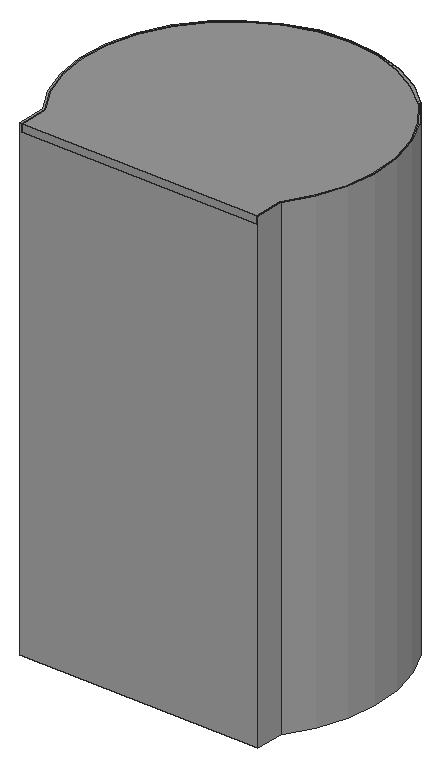
Revit family "DAN DRYER Björk Design Handdryer 3006", category Furniture Systems, host Wall, Revit 2018
Family settings
  Host = Wall
  Round Connector Dimension = Use Diameter
  Part Type = Normal
  Always vertical = Yes
  Cut with Voids When Loaded = No
  Shared = No
  Room Calculation Point = No
Parameters (values of type "GEO WHITE")
  URL = "http://www.dandryer.dk/da-dk/produkter/produktserie-%E2%80%93-bjork/3006-bjork-haandtoerrer--mat-sort"
  Type Image = <None>
  Surface Top = GEO WHITE
  Surface Front = Mat Sort
  Model = "Björk-3006"
  Manufacturer = "Dan Dryer"
  Description = "Touch-free hand dryer"
  Cost = 0
Types (6): name | Surface Top
  BIRK | BIRK
  GEO WHITE | GEO WHITE
  GRIGIO LONDRA | GRIGIO LONDRA
  NEGRO INGO | NEGRO INGO
  OSLO | OSLO
  BIANCO MALE | BIANCO MALE
Reference planes (in)
  plane 1 "Wall": y = 0
  plane 2 "Center (Left/Right)": x = 4.92126
  plane 3 "Back": y = 2.95276
Forms (in)
  Extrusion 1, solid, material "Blank Hvid", not visible
    sketch origin (0, 0, 0) x (1, 0, 0) y (0, 1, 0)
      loop
        arc (1.66187, 3.75455) -> (1.67032, 3.73804) -> (1.67323, 3.71973) r 0.05906
        line (1.67323, 3.71973) -> (1.67323, 2.96457) -> (1.72047, 2.96457) -> (1.72047, 3.71973)
        arc (1.72047, 3.71973) -> (1.71523, 3.75269) -> (1.70003, 3.78241) r 0.1063
        arc (1.70003, 3.78241) -> (4.92126, 10.12205) -> (8.14249, 3.78241) r 3.98819
        arc (8.14249, 3.78241) -> (8.12729, 3.75269) -> (8.12205, 3.71973) r 0.1063
        line (8.12205, 3.71973) -> (8.12205, 2.96457) -> (8.16929, 2.96457) -> (8.16929, 3.71973)
        arc (8.16929, 3.71973) -> (8.1722, 3.73804) -> (8.18065, 3.75455) r 0.05906
        arc (8.18065, 3.75455) -> (4.92126, 10.16929) -> (1.66187, 3.75455) r 4.03543
    from 35.43307 to 48.4252
  Extrusion 2, void, not visible
    sketch origin (8.16929, 3.71973, 0) x (0, 1, 0) y (0, 0, -1)
      loop
        line (-0.75516, -48.22835) -> (-0.75516, -48.4252) -> (0.24229, -48.4252)
        arc (0.24229, -48.4252) -> (0.12078, -48.36063) -> (0.08289, -48.22835) r 0.17597
        line (0.08289, -48.22835) -> (-0.75516, -48.22835)
    from -0.43119 to 6.69923
  Extrusion 3, void, not visible
    sketch origin (8.16929, 3.71973, 83.85827) x (0, 1, 0) y (0, 0, -1)
      loop
        line (-0.75516, 48.22835) -> (0.08289, 48.22835)
        arc (0.08289, 48.22835) -> (0.12078, 48.36063) -> (0.24229, 48.4252) r 0.17597
        line (0.24229, 48.4252) -> (-0.75516, 48.4252) -> (-0.75516, 48.22835)
    from -0.23622 to 7.06498
  Extrusion 4, solid, not visible
    sketch origin (8.16929, 2.96457, 35.70866) x (0, 1, 0) y (-1, 0, 0)
      loop
        line (0, 6.44882) -> (0, 0.04724) -> (0.75516, 0.04724)
        arc (0.75516, 0.04724) -> (0.78813, 0.042) -> (0.81784, 0.0268) r 0.1063
        arc (0.81784, 0.0268) -> (7.15748, 3.24803) -> (0.81784, 6.46926) r 3.98819
        arc (0.81784, 6.46926) -> (0.78813, 6.45406) -> (0.75516, 6.44882) r 0.1063
        line (0.75516, 6.44882) -> (0, 6.44882)
    from 0 to -0.07874
  Extrusion 5, void, not visible
    sketch origin (8.12205, 2.96457, 0) x (-1, 0, 0) y (0, 0, 1)
      loop
        arc (3.27999, 38.4252) -> (3.2009, 38.50448) -> (3.12159, 38.4252) r 0.07921
        line (3.12159, 38.4252) -> (3.12146, 36.61417)
        arc (3.12146, 36.61417) -> (3.20067, 36.53489) -> (3.27999, 36.61417) r 0.07921
        line (3.27999, 36.61417) -> (3.27999, 38.4252)
    from 6.88641 to 7.45017
  Extrusion 6, solid, not visible
    sketch origin (8.12205, 2.96457, 0) x (1, 0, 0) y (0, 0, 1)
      loop
        line (-3.27999, 38.42458) -> (-3.27999, 36.61417)
        arc (-3.27999, 36.61417) -> (-3.20042, 36.54009) -> (-3.12154, 36.61479) r 0.07931
        line (-3.12154, 36.61479) -> (-3.12159, 38.4252)
        arc (-3.12159, 38.4252) -> (-3.20116, 38.49928) -> (-3.27999, 38.42458) r 0.07931
    from -7.20394 to -6.8864
  Extrusion 7, solid, material "Mat Sort", not visible
    sketch origin (0, 0, 0) x (1, 0, 0) y (0, 1, 0)
      loop
        arc (1.66187, 3.75455) -> (1.67032, 3.73804) -> (1.67323, 3.71973) r 0.05906
        line (1.67323, 3.71973) -> (1.67323, 2.96457) -> (1.72047, 2.96457) -> (1.72047, 3.71973)
        arc (1.72047, 3.71973) -> (1.71523, 3.75269) -> (1.70003, 3.78241) r 0.1063
        arc (1.70003, 3.78241) -> (4.92126, 10.12205) -> (8.14249, 3.78241) r 3.98819
        arc (8.14249, 3.78241) -> (8.12729, 3.75269) -> (8.12205, 3.71973) r 0.1063
        line (8.12205, 3.71973) -> (8.12205, 2.96457) -> (8.16929, 2.96457) -> (8.16929, 3.71973)
        arc (8.16929, 3.71973) -> (8.1722, 3.73804) -> (8.18065, 3.75455) r 0.05906
        arc (8.18065, 3.75455) -> (4.92126, 10.16929) -> (1.66187, 3.75455) r 4.03543
    from 35.43307 to 48.4252
Text (in)
  text "Placement Side" at (-72.78884, 43.96769, 0), in view "Ref. Level"
  text "Placement side" at (0, 55.50411, 112.37426), in view "Left"
  text "Placement side" at (0, 19.67758, 117.35164), in view "Right"
Dimensions and locks (in)
  locked: plane 3 "Back" to host wall
  aligned and locked: plane 1 "Wall" to host wall
  aligned and locked: plane 3 "Back" to nested 1  (x2)
Nested families (in)
  nested 1: "Master Handdryer" at (4.92126, 2.95276, 43.30709), type "Master Handdryer"
Definition of nested family "Master Handdryer"
  Parameters (values of type "Master Handdryer")
    Surface Top = none
    Surface Front = none
  Reference planes (in)
    plane 1 "Center (Front/Back)": y = 0
    plane 2: z = 0
    plane 3 "Center (Left/Right)": x = 0
  Forms (in)
    Extrusion 1, solid, material <- "Surface Front"
      sketch origin (0, 0, 0) x (1, 0, 0) y (0, 1, 0)
        loop
          arc (3.24805, 0.7745) -> (0.00001, 7.20472) -> (-3.24802, 0.7745) r 4.03543
          line (-3.24802, 0.7745) -> (-3.24802, 0) -> (3.24805, 0) -> (3.24805, 0.7745)
      from 0 to 12.99213
    Extrusion 2, solid, material <- "Surface Top"
      sketch origin (0, 0, 12.99213) x (1, 0, 0) y (0, 1, 0)
        loop
          arc (3.2008, 0.79009) -> (0.00001, 7.15748) -> (-3.20077, 0.79009) r 3.98819
          line (-3.20077, 0.79009) -> (-3.20077, 0) -> (3.2008, 0) -> (3.2008, 0.79009)
      from 0 to -0.19685
    Extrusion 3, void
      sketch origin (0, 0, 0) x (1, 0, 0) y (0, 1, 0)
        loop
          line (-3.20077, 0) -> (3.2008, 0) -> (3.2008, 0.79009)
          arc (3.2008, 0.79009) -> (0.00001, 7.15748) -> (-3.20077, 0.79009) r 3.98819
          line (-3.20077, 0.79009) -> (-3.20077, 0)
      from 12.79528 to 12.99213
  Cuts and joins
    Extrusion 3 cuts Extrusion 1
  Dimensions and locks (in)
    aligned and locked: level to plane 2
